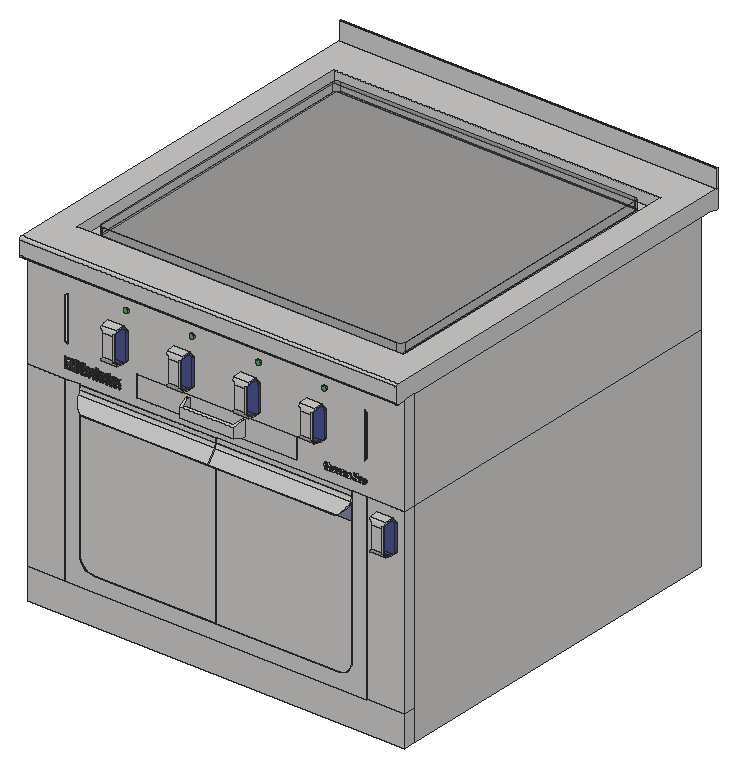
Revit family "QF_ELECTROLUXPROFESSIONAL_588704_MBLPGBH4AO", category Attrezzature speciali, Revit 2020
Family settings
  Quota connettore circolare = Usa diametro
  Tipo di parte = Normale
  Basato su piano di lavoro = No
  Sempre verticale = Sì
  Taglio con vuoti quando caricato = No
  Condiviso = No
  Punto di calcolo locali = No
Parameters (values of type "Standard")
  Weight = 149.00 kg
  Watts = 14300 W
  Volts = 400 V
  URL Manufacturer = "https://www.electroluxprofessional.com/"
  URL = "https://www.electroluxprofessional.com/"
  Steam Supply Size = 0"
  Steam Supply Minimum Pressure = 0.00 psi
  Steam Supply Maximum Pressure = 0.00 psi
  Steam Consumption per Hour = 0
  Refrigeration Suction Line Size = 0 mm
  Refrigeration Liquid Line Size = 0 mm
  Refrigerant Compressor Remote = yes
  Prospetto di default = 0 mm
  Phase = 3
  Modello = "MBLPGBH4AO"
  Produttore = "Electrolux Professional"
  Length Actual = 800 mm  # constant formula
  Item Number = "588704"
  Hot Water Size = 0"
  Height Actual = 700 mm  # constant formula
  HP = "19.2 HP"
  Gas Size = 0"
  Gas KW = 0
  Gas Input Pressure = 0.0 Btu/h
  Direct Waste Size = 0"
  Descrizione = "EL.SOLID TOP,WARM.CAB.1S,BS,800X850X700H"
  Depth Actual = 850 mm  # constant formula
  Cycle = 50 Hz
  Condensate Return Size = 0"
  Compressed Air Volume = 0 GPM
  Compressed Air Size = 0"
  Compressed Air Pressure = 0.00 psi
  Cold Water Size = 0"
  Accessory = yes
Reference planes
  plane 1 "BACK": y = 50
  plane 2: z = 0
  plane 3 "LEFT": x = 0
  plane 4 "RIGHT": x = 800
  plane 5 "FRONT": y = -800
  plane 6 "TOP": z = 900
  plane 7 "Center (Left/Right)": x = 400
  plane 8: y = -375
  plane 9: z = 200
  plane 10: y = -150
  plane 11 "Panel": y = -755
  plane 12: z = 798
  plane 13: z = 1327
  plane 14: x = 78
  plane 15: x = 722
  plane 16: y = -100
  plane 17: y = -600
  plane 18 "EIx": x = 755
  plane 19 "EIy": y = -585
Forms (mm)
  Extrusion 1, solid, material "QF_Finishes_Stainless Steel"
    sketch origin (-178.969, -4572, 200) x (-1, 0, 0) y (0, -1, 0)
      loop
        line (-178.969, -4577) -> (-178.969, -3817) -> (-978.969, -3817) -> (-978.969, -4577) -> (-178.969, -4577)
    from 450 to 662.969
  Extrusion 2, solid, material "QF_Finishes_Stainless Steel"
    sketch origin (0, 0, 0) x (0, 1, 0) y (0, 0, 1)
      loop
        line (-755, 200) -> (-755, 265) -> (-780, 265) -> (-780, 200) -> (-755, 200)
    from 0 to 800
  Extrusion 3, solid, material "QF_Finishes_Stainless Steel"
    sketch origin (-588.969, -4562, 200) x (-1, 0, 0) y (0, -1, 0)
      loop
        circle (-1343.969, -3977) r 6.35
    from 0 to -11.851
  Extrusion 4, solid, material "QF_Finishes_Stainless Steel"
    sketch origin (400, 296.4, 1219.2) x (0, 1, 0) y (0, 0, 1)
      loop
        line (-246.4, -319.2) -> (-1091.4, -319.2)
        arc (-1091.4, -319.2) -> (-1094.935, -320.664) -> (-1096.4, -324.2) r 5
        line (-1096.4, -324.2) -> (-1096.4, -355.2)
        arc (-1096.4, -355.2) -> (-1094.971, -358.264) -> (-1091.705, -359.139) r 4
        line (-1091.705, -359.139) -> (-1076.4, -356.231) -> (-266.4, -356.231) -> (-251.094, -359.139)
        arc (-251.094, -359.139) -> (-247.829, -358.264) -> (-246.4, -355.2) r 4
        line (-246.4, -355.2) -> (-246.4, -319.2)
    from -400 to 400
  Extrusion 5, solid, material "QF_Finishes_Electrolux_Black Smoke Iluminated"
    sketch origin (0, 0, 900) x (-1, 0, 0) y (0, -1, 0)
      loop
        arc (-88, 59) -> (-80.929, 61.929) -> (-78, 69) r 10
        line (-78, 69) -> (-78, 680)
        arc (-78, 680) -> (-80.929, 687.071) -> (-88, 690) r 10
        line (-88, 690) -> (-712, 690)
        arc (-712, 690) -> (-719.071, 687.071) -> (-722, 680) r 10
        line (-722, 680) -> (-722, 69)
        arc (-722, 69) -> (-719.071, 61.929) -> (-712, 59) r 10
        line (-712, 59) -> (-88, 59)
    from 0 to -20
  Extrusion 6, solid, material "QF_Finishes_Stainless Steel"
    sketch origin (-178.969, -4572, 200) x (-1, 0, 0) y (0, -1, 0)
      loop
        line (-178.969, -4577) -> (-178.969, -3817) -> (-978.969, -3817) -> (-978.969, -4577) -> (-178.969, -4577)
    from 450 to 0
  Extrusion 7, void
    sketch origin (0, 0, 900) x (-1, 0, 0) y (0, -1, 0)
      loop
        line (-53, 715) -> (-747, 715) -> (-747, 34) -> (-53, 34) -> (-53, 715)
    from 0 to -25
  Extrusion 8, solid, material "QF_Finishes_Stainless Steel"
    sketch origin (0, 0, 900) x (-1, 0, 0) y (0, -1, 0)
      loop
        line (-82, 63) -> (-82, 686) -> (-718, 686) -> (-718, 63) -> (-82, 63)
    from -20 to -25
  Extrusion 9, solid, material "QF_Finishes_Stainless Steel"
    sketch origin (400, 296.4, 1219.2) x (0, 1, 0) y (0, 0, 1)
      loop
        line (-249.4, -319.2) -> (-246.4, -319.2) -> (-246.4, -281.2) -> (-249.4, -281.2) -> (-249.4, -319.2)
    from -400 to 400
  Extrusion 10, solid, material "QF_Finishes_Stainless Steel"
    sketch origin (0, 0, 150) x (0, 1, 0) y (0, 0, 1)
      loop
        line (-755, 50) -> (-755, 115) -> (-780, 115) -> (-780, 50) -> (-755, 50)
    from 0 to 800
  Extrusion 11, solid, material "QF_Finishes_Stainless Steel"
    sketch origin (7, -800, 0) x (1, 0, 0) y (0, 0, 1)
      loop
        line (103, 327) -> (103, 650) -> (73, 650) -> (73, 265) -> (713, 265) -> (713, 650) -> (683, 650) -> (683, 327)
        arc (683, 327) -> (673.627, 304.373) -> (651, 295) r 32
        line (651, 295) -> (135, 295)
        arc (135, 295) -> (112.373, 304.373) -> (103, 327) r 32
    from -20 to -45
  Extrusion 12, solid, material "QF_Finishes_Stainless Steel"
    sketch origin (0, -800, 0) x (1, 0, 0) y (0, 0, 1)
      loop
        line (80, 650) -> (0, 650) -> (0, 265) -> (80, 265) -> (80, 650)
      loop
        line (719.787, 650) -> (719.787, 265) -> (800, 265) -> (800, 650) -> (719.787, 650)
    from -20 to -45
Cuts and joins
  Extrusion 7 cuts Extrusion 4
Lines and regions (mm)
  symbolic lines
    curve 1: line (0, 50, 200) -> (800, 50, 200)
    curve 2: line (0, -800, 200) -> (0, 50, 200)
    curve 3: line (800, -800, 200) -> (0, -800, 200)
    curve 4: line (800, 50, 200) -> (800, -800, 200)
    curve 5: line (712, -59, 200) -> (88, -59, 200)
    curve 6: line (78, -69, 200) -> (78, -680, 200)
    curve 7: line (88, -690, 200) -> (712, -690, 200)
    curve 8: line (722, -680, 200) -> (722, -69, 200)
    curve 9: arc (88, -59, 200) -> (80.929, -61.929, 200) -> (78, -69, 200) r 10
    curve 10: arc (722, -69, 200) -> (719.071, -61.929, 200) -> (712, -59, 200) r 10
    curve 11: arc (712, -690, 200) -> (719.071, -687.071, 200) -> (722, -680, 200) r 10
    curve 12: arc (78, -680, 200) -> (80.929, -687.071, 200) -> (88, -690, 200) r 10
    curve 13: line (747, -34, 900) -> (53, -34, 900)
    curve 14: line (53, -34, 900) -> (53, -715, 900)
    curve 15: line (747, -715, 900) -> (747, -34, 900)
    curve 16: line (53, -715, 900) -> (747, -715, 900)
    curve 33: line (0, 47, 0) -> (800, 47, 0)
  model lines, style "SpecialityEquipment"
    curve 17: arc (584, -161, 900) -> (530.967, -289.033, 900) -> (659, -236, 900) r 75
    curve 18: line (639, -236, 900) -> (679, -236, 900)
    curve 19: line (679, -236, 900) -> (659, -216, 900)
    curve 20: line (639, -236, 900) -> (659, -216, 900)
    curve 21: arc (216, -161, 900) -> (162.967, -289.033, 900) -> (291, -236, 900) r 75
    curve 22: line (271, -236, 900) -> (311, -236, 900)
    curve 23: line (311, -236, 900) -> (291, -216, 900)
    curve 24: line (271, -236, 900) -> (291, -216, 900)
    curve 25: arc (584, -489, 900) -> (530.967, -617.033, 900) -> (659, -564, 900) r 75
    curve 26: line (639, -564, 900) -> (679, -564, 900)
    curve 27: line (679, -564, 900) -> (659, -544, 900)
    curve 28: line (639, -564, 900) -> (659, -544, 900)
    curve 29: arc (216, -489, 900) -> (162.967, -617.033, 900) -> (291, -564, 900) r 75
    curve 30: line (271, -564, 900) -> (311, -564, 900)
    curve 31: line (311, -564, 900) -> (291, -544, 900)
    curve 32: line (271, -564, 900) -> (291, -544, 900)
Dimensions and locks
  plane 3 "LEFT" to plane 4 "RIGHT" = 800 mm
  plane 5 "FRONT" to plane 1 "BACK" = 850 mm
  equal spacing: plane 3 "LEFT", plane 7 "Center (Left/Right)", plane 4 "RIGHT"
  equal spacing: plane 5 "FRONT", plane 8, plane 1 "BACK"
  plane 6 "TOP" to level = 900 mm  (x2)
  plane 9 to level = 200 mm
  plane 1 "BACK" to plane 10 to plane 11 "Panel" = 200 mm, 605 mm  (x2)
  plane 6 "TOP" to plane 9 to level = 700 mm, 200 mm
  plane 1 "BACK" to plane 5 "FRONT" = 850 mm
  plane 1 "BACK" to Extrusion 3 = 635 mm
  plane 12 to plane 9 = 598 mm
  plane 13 to plane 6 "TOP" = 427 mm
  plane 6 "TOP" to plane 12 = 102 mm
  plane 14 to plane 3 "LEFT" = 78 mm
  plane 15 to plane 4 "RIGHT" = 78 mm
  locked: plane 1 "BACK" to plane 16 at 150
  locked: plane 16 to plane 17 at 500
  plane 11 "Panel" to plane 5 "FRONT" = 45 mm
  plane 18 "EIx" to plane 4 "RIGHT" = 45 mm
  plane 19 "EIy" to plane 1 "BACK" = 635 mm
  aligned and locked: level to plane 2
  aligned and locked: Extrusion 2 to plane 4 "RIGHT"
Automatic sketch dimensions
  Extrusion 3 sketch curve to plane 18 "EIx" = 0 mm
  Extrusion 3 sketch curve to plane 19 "EIy" = 0 mm
  Extrusion 4 sketch curve to plane 5 "FRONT" = 0 mm
  Extrusion 4 sketch curve to plane 6 "TOP" = 0 mm
  Extrusion 4 sketch curve to plane 1 "BACK" = 0 mm
  Extrusion 4 sketch curve to plane 5 "FRONT" = 4 mm
  Extrusion 4 sketch curve to Extrusion 4 sketch curve = 0.695 mm
  Extrusion 4 sketch curve to plane 5 "FRONT" = 5 mm
  Extrusion 4 sketch curve to Extrusion 4 sketch curve = 15.305 mm
  plane 1 "BACK" to Extrusion 4 sketch curve = 20 mm
  plane 1 "BACK" to Extrusion 4 sketch curve = 4.695 mm
  Extrusion 4 sketch curve to Extrusion 4 sketch curve = 4 mm
  Extrusion 4 sketch curve to Extrusion 4 sketch curve = 31 mm
  Extrusion 4 sketch curve to plane 6 "TOP" = 36 mm
  Extrusion 4 sketch curve to Extrusion 4 sketch curve = 2.909 mm
  Extrusion 5 sketch curve to plane 15 = 0 mm
  Extrusion 5 sketch curve to plane 14 = 0 mm
  plane 15 to Extrusion 5 sketch curve = 10 mm  (x2)
  Extrusion 5 sketch curve to Extrusion 5 sketch curve = 10 mm  (x2)
  plane 10 to Extrusion 5 sketch curve = 91 mm
  plane 17 to Extrusion 5 sketch curve = 80 mm
  plane 18 "EIx" to Extrusion 7 sketch curve = 8 mm
  plane 14 to Extrusion 7 sketch curve = 25 mm
  plane 10 to Extrusion 7 sketch curve = 116 mm
  plane 11 "Panel" to Extrusion 7 sketch curve = 40 mm
  Extrusion 8 sketch curve to plane 14 = 4 mm
  plane 15 to Extrusion 8 sketch curve = 4 mm
  plane 17 to Extrusion 8 sketch curve = 86 mm
  plane 10 to Extrusion 8 sketch curve = 87 mm
  curve 20 to curve 17 = 55 mm
  curve 26 to curve 25 = 55 mm
  curve 19 to curve 18 = 20 mm
  curve 26 to curve 27 = 20 mm
  curve 18 to curve 19 = 20 mm
  plane 18 "EIx" to curve 13 = 8 mm
  curve 31 to plane 7 "Center (Left/Right)" = 89 mm
  curve 23 to plane 7 "Center (Left/Right)" = 89 mm
  curve 22 to curve 24 = 20 mm
  curve 30 to curve 31 = 20 mm
  curve 23 to curve 22 = 20 mm
  curve 31 to curve 30 = 20 mm
  curve 22 to curve 21 = 55 mm
  curve 30 to curve 29 = 55 mm
  plane 14 to curve 14 = 25 mm
  plane 10 to curve 13 = 116 mm
  plane 11 "Panel" to curve 16 = 40 mm
  curve 29 to curve 30 = 20 mm
  curve 27 to curve 26 = 40 mm
  curve 25 to curve 26 = 20 mm
  plane 15 to curve 19 = 43 mm
  curve 17 to curve 18 = 20 mm
  curve 21 to curve 22 = 20 mm
  Extrusion 9 sketch curve to plane 6 "TOP" = 0 mm
  Extrusion 9 sketch curve to plane 1 "BACK" = 0 mm
  Extrusion 9 sketch curve to Extrusion 9 sketch curve = 3 mm
  Extrusion 9 sketch curve to Extrusion 9 sketch curve = 38 mm
  plane 19 "EIy" to curve 27 = 21 mm
  plane 15 to curve 27 = 43 mm
  curve 23 to plane 10 = 66 mm
  curve 19 to plane 10 = 66 mm
  plane 19 "EIy" to curve 32 = 41 mm
  Extrusion 1 sketch curve to plane 4 "RIGHT" = 0 mm
  Extrusion 1 sketch curve to plane 3 "LEFT" = 0 mm
  Extrusion 1 sketch curve to plane 11 "Panel" = 0 mm
  plane 1 "BACK" to Extrusion 1 sketch curve = 45 mm
  Extrusion 2 sketch curve to plane 9 = 0 mm
  Extrusion 2 sketch curve to plane 11 "Panel" = 0 mm
  Extrusion 2 sketch curve to plane 5 "FRONT" = 20 mm
  plane 9 to Extrusion 2 sketch curve = 65 mm
  plane 1 "BACK" to curve 1 = 0 mm
  curve 1 to plane 4 "RIGHT" = 0 mm
  curve 8 to plane 15 = 0 mm
  curve 6 to plane 14 = 0 mm
  curve 2 to plane 3 "LEFT" = 0 mm
  plane 5 "FRONT" to curve 3 = 0 mm
  plane 15 to curve 5 = 10 mm
  curve 11 to curve 11 = 10 mm
  curve 5 to plane 14 = 10 mm
  curve 12 to curve 6 = 10 mm
  plane 10 to curve 5 = 91 mm
  plane 17 to curve 11 = 80 mm
  Extrusion 6 sketch curve to plane 4 "RIGHT" = 0 mm
  Extrusion 6 sketch curve to plane 3 "LEFT" = 0 mm
  Extrusion 6 sketch curve to plane 11 "Panel" = 0 mm
  plane 1 "BACK" to Extrusion 6 sketch curve = 45 mm
  Extrusion 10 sketch curve to plane 11 "Panel" = 0 mm
  Extrusion 10 sketch curve to plane 5 "FRONT" = 20 mm
  plane 9 to Extrusion 10 sketch curve = 0 mm
  Extrusion 10 sketch curve to Extrusion 10 sketch curve = 65 mm
  Extrusion 11 sketch curve to plane 14 = 2 mm
  Extrusion 11 sketch curve to plane 14 = 32 mm
  Extrusion 11 sketch curve to Extrusion 11 sketch curve = 32 mm
  plane 15 to Extrusion 11 sketch curve = 32 mm
  plane 15 to Extrusion 11 sketch curve = 2 mm
  plane 9 to Extrusion 11 sketch curve = 65 mm
  Extrusion 11 sketch curve to Extrusion 11 sketch curve = 62 mm  (x2)
  Extrusion 11 sketch curve to plane 12 = 148 mm  (x2)
  Extrusion 12 sketch curve to plane 3 "LEFT" = 0 mm
  plane 4 "RIGHT" to Extrusion 12 sketch curve = 0 mm
  Extrusion 12 sketch curve to plane 14 = 2 mm
  plane 15 to Extrusion 12 sketch curve = 2.213 mm
  plane 9 to Extrusion 12 sketch curve = 65 mm  (x2)
  Extrusion 12 sketch curve to plane 12 = 148 mm  (x2)
  radius of Extrusion 3 sketch curve = 6.35 mm
Nested families
  nested 1: "FIT Range Control Handle" at (760, -783.167, -372.751), type "FIT Range Control Handle"
  nested 2: "Front_Panel_W800_Four Knobs_Spie" at (202.376, -755, 0), type "Front_Panel_W800_Four Knobs_Spie"
  nested 3: "H450H2_2DOOR" at (363.958, -755, 200) x (1, 0, 0) z (0, -1, 0), type "H450H2_2DOOR"
    with Width 580 mm, Wdoor 290 mm, Show Clearance yes
  nested 4: "Warm" at (800, -800, 0), type "Warm"
Connectors
  electrical at (755, -585, 188.149)
    settings: on Extrusion 3, index 1, voltage 400 V, apparent load 33000 VA, apparent load phase1 0 VA, apparent load phase2 0 VA, apparent load phase3 0 VA, power factor 1, load classification "Other", number of poles 1, system type 30, power factor state 1, is connector primary yes, connector utility no, sub classification motor no, connector description "ELECTRICAL CONNECTION"
Definition of nested family "FIT Range Control Handle"
  Parameters
    Default Elevation = 0 mm
  Reference planes
    plane 1 "Center (Front/Back)": y = 0
    plane 2: z = 0
    plane 3 "Center (Left/Right)": x = 0
    plane 4: z = 971.092
    plane 5: y = -16.8
  Forms (mm)
    Extrusion 1, solid
      sketch origin (-746.28, 380.497, 208.931) x (-1, 0, 0) y (0, 0, 1)
        loop
          line (-770.101, 786.798) -> (-770.101, 731.649)
          arc (-770.101, 731.649) -> (-769.759, 730.563) -> (-768.855, 729.87) r 1.893
          line (-768.855, 729.87) -> (-763.474, 727.911) -> (-729.81, 727.911) -> (-724.428, 729.87)
          arc (-724.428, 729.87) -> (-723.525, 730.563) -> (-723.183, 731.649) r 1.893
          line (-723.183, 731.649) -> (-723.183, 786.798)
          arc (-723.183, 786.798) -> (-723.529, 787.894) -> (-724.44, 788.593) r 1.91
          line (-724.44, 788.593) -> (-729.683, 790.819) -> (-763.601, 790.819) -> (-768.844, 788.593)
          arc (-768.844, 788.593) -> (-769.755, 787.894) -> (-770.101, 786.798) r 1.91
      from -382.35 to -378.852
    Sweep 2, solid
      path origin (-746.788, 380.496, 208.091) x (0, -1, 0) y (0, 0, 1)
        loop
          line (379.775, 793.281) -> (395.661, 791.048)
          arc (395.661, 791.048) -> (397.781, 787.377) -> (398.517, 783.202) r 12.207
          line (398.517, 783.202) -> (398.517, 737.368)
          arc (398.517, 737.368) -> (397.781, 733.193) -> (395.661, 729.522) r 12.207
          line (395.661, 729.522) -> (379.775, 727.289)
      profile origin (-746.788, -7.222, 1000.256) x (0, -0.139173, 0.990268) y (-1, 0, 0)
        loop
          line (0.782, -763.123) -> (0.782, -730.907) -> (-1.322, -730.907) -> (-1.322, -763.123) -> (0.782, -763.123)
    Sweep 3, solid
      path origin (-746.788, 380.715, 207.832) x (0, -1, 0) y (0, 0, 1)
        loop
          line (380.478, 795.442) -> (397.218, 793.09)
          arc (397.218, 793.09) -> (399.929, 788.473) -> (400.871, 783.202) r 15.207
          line (400.871, 783.202) -> (400.871, 737.584)
          arc (400.871, 737.584) -> (399.914, 732.274) -> (397.164, 727.633) r 15.207
          line (397.164, 727.633) -> (380.601, 725.305)
      profile origin (-746.788, -8.132, 1002.099) x (0, -0.139173, 0.990268) y (-1, 0, 0)
        loop
          line (0.782, -763.123) -> (0.782, -730.907) -> (-1.322, -730.907) -> (-1.322, -763.123) -> (0.782, -763.123)
    Extrusion 4, void
      sketch origin (889.253, 220.666, 207.993) x (1, 0, 0) y (0, 0, 1)
        loop
          line (-943.038, 816.854) -> (-943.038, 703.686) -> (-899.466, 734.196) -> (-899.466, 786.344) -> (-943.038, 816.854)
      from 230.636 to 242.25
    Extrusion 5, void
      sketch origin (-888.8, 220.666, 207.993) x (-1, 0, 0) y (0, 0, -1)
        loop
          line (-943.038, -816.854) -> (-899.466, -786.344) -> (-899.466, -734.196) -> (-943.038, -703.686) -> (-943.038, -816.854)
      from 230.636 to 242.25
    Extrusion 6, solid
      sketch origin (0, 0, 0) x (1, 0, 0) y (0, 0, 1)
        loop
          circle (0, 971.092) r 7.736
      from -3.137 to -1.645
  Cuts and joins
    Extrusion 4, Extrusion 5 cuts Sweep 3
    Extrusion 4, Extrusion 5 cuts Sweep 2
    joined: Extrusion 1, Extrusion 6
  Lines and regions (mm)
    symbolic lines
      curve 1: line (-15.881, -19.189, 0) -> (-15.881, -16.8, 0)
      curve 2: line (16.334, -19.189, 0) -> (16.334, -16.8, 0)
      curve 3: spline (-15.881, -19.189, 0) -> (-15.417, -19.349, 0) -> (-14.951, -19.501, 0) -> (-14.483, -19.646, 0) -> (-14.014, -19.783, 0) -> (-13.543, -19.912, 0) -> (-13.071, -20.033, 0) -> (-12.597, -20.146, 0) -> (-12.122, -20.251, 0) -> (-11.646, -20.349, 0) -> (-11.169, -20.438, 0) -> (-10.691, -20.52, 0) -> (-10.213, -20.593, 0)
      curve 4: spline (10.666, -20.593, 0) -> (11.144, -20.52, 0) -> (11.622, -20.438, 0) -> (12.099, -20.349, 0) -> (12.575, -20.251, 0) -> (13.05, -20.146, 0) -> (13.524, -20.033, 0) -> (13.996, -19.912, 0) -> (14.467, -19.783, 0) -> (14.936, -19.646, 0) -> (15.404, -19.501, 0) -> (15.87, -19.349, 0) -> (16.334, -19.189, 0)
      curve 5: line (-10.213, -20.938, 0) -> (10.716, -20.938, 0)
  Dimensions and locks
    cut or joined group of Sweep 3, Extrusion 4, Extrusion 5 to cut or joined group of Sweep 3, Extrusion 4, Extrusion 5 = 71.686 mm
Definition of nested family "Front_Panel_W800_Four Knobs_Spie"
  Parameters
    Default Elevation = 0 mm
  Reference planes
    plane 1 "Center (Front/Back)": y = 0
    plane 2: z = 0
    plane 3 "Center (Left/Right)": x = 197.624
    plane 4 "Left": x = -202.376
    plane 5 "Right": x = 597.624
    plane 6: y = -45
    plane 7: x = -12.376
    plane 8: x = 127.624
    plane 9: y = -310
    plane 10 "Panel": y = -25
    plane 11: x = 517.624
    plane 12: x = -122.376
  Forms (mm)
    Extrusion 1, solid
      sketch origin (833.217, 829.203, -1.25) x (0, 1, 0) y (0, 0, 1)
        loop
          line (-854.203, 651.25) -> (-829.203, 651.25) -> (-829.203, 864.25) -> (-854.203, 864.25) -> (-854.203, 651.25)
      from -1035.593 to -235.593
    Extrusion 2, void
      sketch origin (0, -25, -10) x (0, 0, 1) y (-1, 0, 0)
        loop
          line (731.866, 122.376) -> (726.866, 117.376) -> (823.866, 117.376) -> (818.866, 122.376) -> (731.866, 122.376)
        loop
          line (731.866, -517.624) -> (818.866, -517.624) -> (823.866, -512.624) -> (726.866, -512.624) -> (731.866, -517.624)
      from 0 to -2
    Extrusion 3, void
      sketch origin (0, 0, 0) x (1, 0, 0) y (0, 0, 1)
        loop
          line (30.124, 711.866) -> (30.124, 666.866) -> (370.124, 666.866) -> (370.124, 711.866) -> (30.124, 711.866)
      from 19.387 to 25
    Extrusion 4, solid
      sketch origin (0, 0, 0) x (1, 0, 0) y (0, 0, 1)
        loop
          line (31.124, 710.866) -> (31.124, 667.866) -> (369.124, 667.866) -> (369.124, 710.866) -> (31.124, 710.866)
      from 19.387 to 25
    Extrusion 5, solid
      sketch origin (0, 0, 0) x (1, 0, 0) y (0, 1, 0)
        loop
          line (141.059, -25) -> (135.966, -25) -> (140.646, -49.075) -> (254.603, -49.075) -> (259.283, -25) -> (254.189, -25) -> (250.481, -44.075) -> (144.767, -44.075) -> (141.059, -25)
      from 672.593 to 705.67
    Extrusion 6, void
      sketch origin (197.624, 0, 0) x (0, 1, 0) y (0, 0, 1)
        loop
          line (-30, 705.67) -> (-30, 710.67) -> (-56.744, 710.67) -> (-56.744, 667.593) -> (-30, 667.593) -> (-30, 672.593) -> (-53.776, 680.318) -> (-53.776, 697.945) -> (-30, 705.67)
      from -70 to 70
    Extrusion 7, solid, detail levels coarse
      sketch origin (0, -265, 0) x (1, 0, 0) y (0, 1, 0)
        loop
          line (140.646, -69.075) -> (254.603, -69.075) -> (259.283, -45) -> (364.124, -45) -> (364.124, 240) -> (31.124, 240) -> (31.124, -45) -> (135.966, -45) -> (140.646, -69.075)
      from 672.593 to 705.67
    Extrusion 8, void
      sketch origin (197.624, -280, 0) x (0, 1, 0) y (0, 0, 1)
        loop
          line (-30, 705.67) -> (-30, 710.67) -> (-56.744, 710.67) -> (-56.744, 667.593) -> (-30, 667.593) -> (-30, 672.593) -> (-53.776, 680.318) -> (-53.776, 697.945) -> (-30, 705.67)
      from -70 to 70
    Extrusion 9, solid
      sketch origin (20, -25, 1.163) x (0, 0, 1) y (-1, 0, 0)
        loop
          circle (824.337, 12.376) r 5
      from 0 to 1.7
    Extrusion 10, solid
      sketch origin (160, -25, 1.163) x (0, 0, 1) y (-1, 0, 0)
        loop
          circle (824.337, 12.376) r 5
      from 0 to 1.7
    Extrusion 11, solid
      sketch origin (300.724, -25, 1.163) x (0, 0, 1) y (-1, 0, 0)
        loop
          circle (824.337, 12.376) r 5
      from 0 to 1.7
    Extrusion 12, solid
      sketch origin (440.724, -25, 1.163) x (0, 0, 1) y (-1, 0, 0)
        loop
          circle (824.337, 12.376) r 5
      from 0 to 1.7
    Extrusion 13, solid
      sketch origin (0, -25, -10) x (0, 0, 1) y (-1, 0, 0)
        loop
          line (731.866, 122.376) -> (726.866, 117.376) -> (823.866, 117.376) -> (818.866, 122.376) -> (731.866, 122.376)
        loop
          line (726.866, -512.624) -> (731.866, -517.624) -> (818.866, -517.624) -> (823.866, -512.624) -> (726.866, -512.624)
      from 0 to -2
  Cuts and joins
    Extrusion 2, Extrusion 3 cuts Extrusion 1
    Extrusion 6, Extrusion 8 cuts Extrusion 5
    Extrusion 8 cuts Extrusion 7
  Lines and regions (mm)
    symbolic lines
      curve 1: line (31.124, -45, 0) -> (31.124, -310, 0)
      curve 2: line (31.124, -310, 0) -> (364.124, -310, 0)
      curve 3: line (135.966, -310, 0) -> (140.646, -334.075, 0)
      curve 4: line (140.646, -334.075, 0) -> (254.603, -334.075, 0)
      curve 5: line (254.603, -334.075, 0) -> (259.283, -310, 0)
      curve 6: line (364.124, -310, 0) -> (364.124, -45, 0)
      curve 7: line (31.124, -300, 0) -> (364.124, -300, 0)
      curve 8: line (140.874, -309.046, 0) -> (144.767, -329.075, 0)
      curve 9: line (144.767, -329.075, 0) -> (250.481, -329.075, 0)
      curve 10: line (250.481, -329.075, 0) -> (254.375, -309.046, 0)
  Dimensions and locks
    equal spacing: plane 5 "Right", plane 3 "Center (Left/Right)", plane 4 "Left"
    plane 5 "Right" to plane 4 "Left" = 800 mm
    plane 3 "Center (Left/Right)" to plane 7 = 210 mm
    plane 3 "Center (Left/Right)" to plane 8 = 70 mm
    plane 6 to plane 9 = 265 mm
    aligned and locked: cut or joined group of Extrusion 1, Extrusion 2, Extrusion 3 to plane 4 "Left"
    aligned and locked: plane 5 "Right" to cut or joined group of Extrusion 1, Extrusion 2, Extrusion 3
  Automatic sketch dimensions
    plane 6 to curve 1 = 0 mm
    curve 1 to plane 9 = 0 mm
    plane 6 to curve 6 = 0 mm
    plane 7 to curve 1 = 43.5 mm
    plane 8 to curve 3 = 13.021 mm
    curve 3 to curve 8 = 4.122 mm
    curve 10 to plane 9 = 19.075 mm
    plane 3 "Center (Left/Right)" to curve 10 = 52.857 mm
    curve 5 to plane 9 = 24.075 mm
    curve 9 to curve 5 = 4.122 mm
    curve 4 to curve 2 = 109.521 mm
    plane 8 to curve 3 = 8.342 mm
    plane 9 to curve 8 = 0.954 mm
    curve 3 to curve 8 = 4.908 mm
    plane 9 to curve 10 = 0.954 mm
    curve 9 to curve 10 = 3.893 mm
    curve 10 to curve 5 = 4.908 mm
    plane 9 to curve 7 = 10 mm
    Extrusion 1 sketch curve to plane 10 "Panel" = 0 mm
    Extrusion 1 sketch curve to plane 1 "Center (Front/Back)" = 0 mm
    Extrusion 2 sketch curve to plane 12 = 0 mm
    Extrusion 2 sketch curve to plane 11 = 0 mm
    Extrusion 2 sketch curve to plane 11 = 5 mm
    plane 12 to Extrusion 2 sketch curve = 5 mm
    Extrusion 2 sketch curve to Extrusion 2 sketch curve = 5 mm  (x4)
    plane 7 to Extrusion 3 sketch curve = 42.5 mm
    Extrusion 3 sketch curve to plane 11 = 147.5 mm
    Extrusion 3 sketch curve to Extrusion 3 sketch curve = 45 mm
    plane 7 to Extrusion 4 sketch curve = 43.5 mm
    Extrusion 4 sketch curve to plane 11 = 148.5 mm
    Extrusion 4 sketch curve to Extrusion 4 sketch curve = 43 mm
    plane 10 "Panel" to Extrusion 5 sketch curve = 0 mm  (x2)
    plane 8 to Extrusion 5 sketch curve = 8.342 mm
    plane 6 to Extrusion 5 sketch curve = 4.075 mm
    plane 8 to Extrusion 5 sketch curve = 13.021 mm
    Extrusion 5 sketch curve to Extrusion 5 sketch curve = 5.094 mm  (x2)
    Extrusion 5 sketch curve to plane 6 = 0.925 mm
    Extrusion 5 sketch curve to Extrusion 5 sketch curve = 4.122 mm  (x2)
    plane 3 "Center (Left/Right)" to Extrusion 5 sketch curve = 52.857 mm
    Extrusion 5 sketch curve to Extrusion 5 sketch curve = 3.708 mm
    plane 6 to Extrusion 6 sketch curve = 11.744 mm
    plane 6 to Extrusion 6 sketch curve = 8.776 mm
    plane 10 "Panel" to Extrusion 6 sketch curve = 5 mm  (x2)
    Extrusion 6 sketch curve to Extrusion 6 sketch curve = 5 mm
    Extrusion 6 sketch curve to Extrusion 6 sketch curve = 12.725 mm  (x2)
    Extrusion 6 sketch curve to Extrusion 6 sketch curve = 17.627 mm
    Extrusion 6 sketch curve to Extrusion 6 sketch curve = 7.725 mm
    plane 10 "Panel" to Extrusion 7 sketch curve = 0 mm
    Extrusion 7 sketch curve to plane 9 = 0 mm  (x2)
    plane 7 to Extrusion 7 sketch curve = 43.5 mm
    plane 8 to Extrusion 7 sketch curve = 8.342 mm
    plane 8 to Extrusion 7 sketch curve = 13.021 mm
    Extrusion 7 sketch curve to plane 9 = 24.075 mm
    plane 3 "Center (Left/Right)" to Extrusion 7 sketch curve = 56.979 mm
    Extrusion 7 sketch curve to Extrusion 7 sketch curve = 4.68 mm
    Extrusion 7 sketch curve to Extrusion 7 sketch curve = 104.842 mm
    Extrusion 8 sketch curve to plane 9 = 26.744 mm
    Extrusion 8 sketch curve to plane 9 = 23.776 mm
    plane 9 to Extrusion 8 sketch curve = 0 mm  (x2)
    Extrusion 8 sketch curve to Extrusion 8 sketch curve = 5 mm
    Extrusion 8 sketch curve to Extrusion 8 sketch curve = 12.725 mm  (x2)
    Extrusion 8 sketch curve to Extrusion 8 sketch curve = 17.627 mm
    Extrusion 8 sketch curve to Extrusion 8 sketch curve = 7.725 mm
    plane 7 to Extrusion 9 sketch curve = 20 mm
    plane 8 to Extrusion 10 sketch curve = 20 mm
    plane 3 "Center (Left/Right)" to Extrusion 11 sketch curve = 90.724 mm
    Extrusion 12 sketch curve to plane 11 = 89.276 mm
    Extrusion 13 sketch curve to plane 12 = 0 mm
    Extrusion 13 sketch curve to plane 11 = 0 mm
    plane 12 to Extrusion 13 sketch curve = 5 mm
    Extrusion 13 sketch curve to Extrusion 13 sketch curve = 5 mm  (x4)
    Extrusion 13 sketch curve to plane 11 = 5 mm
    level to Extrusion 1 sketch curve = 650 mm
    Extrusion 1 sketch curve to Extrusion 1 sketch curve = 213 mm
    level to Extrusion 2 sketch curve = 716.866 mm
    Extrusion 2 sketch curve to Extrusion 2 sketch curve = 0 mm
    Extrusion 2 sketch curve to Extrusion 2 sketch curve = 87 mm  (x2)
    level to Extrusion 3 sketch curve = 666.866 mm
    level to Extrusion 4 sketch curve = 667.866 mm
    level to Extrusion 6 sketch curve = 667.593 mm
    level to Extrusion 8 sketch curve = 667.593 mm
    level to Extrusion 9 sketch curve = 825.5 mm
    level to Extrusion 10 sketch curve = 825.5 mm
    level to Extrusion 11 sketch curve = 825.5 mm
    level to Extrusion 12 sketch curve = 825.5 mm
    level to Extrusion 13 sketch curve = 716.866 mm
    Extrusion 13 sketch curve to Extrusion 13 sketch curve = 0 mm
    Extrusion 13 sketch curve to Extrusion 13 sketch curve = 87 mm  (x2)
    radius of Extrusion 9 sketch curve = 5 mm
    radius of Extrusion 10 sketch curve = 5 mm
    radius of Extrusion 11 sketch curve = 5 mm
    radius of Extrusion 12 sketch curve = 5 mm
  Nested families
    nested 1: "Range Control Handle" at (-12.376, -28.137, -209.113) x (-1, 0, 0) z (0, 0, 1), type "Range Control Handle"
    nested 2: "Range Control Handle" at (127.624, -28.137, -209.113) x (-1, 0, 0) z (0, 0, 1), type "Range Control Handle"
    nested 3: "Range Control Handle" at (407.624, -28.137, -209.113), type "Range Control Handle"
    nested 4: "Range Control Handle" at (267.624, -28.137, -209.113), type "Range Control Handle"
    nested 5: "ELX_ThermaLine_Small" at (468.838, -25, 679.426) x (1, 0, 0) z (0, -1, 0), type "ELX_ThermaLine_Small"
      with Show Logo yes, Material_Logo none
    nested 6: "ELX_Professional_Logo_Small" at (-62.89, -25, 681.659) x (1, 0, 0) z (0, -1, 0), type "ELX_Professional_Logo_Small"
      with Show Logo yes, Material_Logo none
  Definition of nested family "Range Control Handle"
    Parameters
      Default Elevation = 0 mm
    Reference planes
      plane 1 "Center (Front/Back)": y = 0
      plane 2: z = 0
      plane 3 "Center (Left/Right)": x = 0
      plane 4: z = 971.092
      plane 5: y = -16.9
    Forms (mm)
      Extrusion 1, solid
        sketch origin (-746.28, 380.497, 208.931) x (-1, 0, 0) y (0, 0, 1)
          loop
            line (-770.101, 786.798) -> (-770.101, 731.649)
            arc (-770.101, 731.649) -> (-769.759, 730.563) -> (-768.855, 729.87) r 1.893
            line (-768.855, 729.87) -> (-763.474, 727.911) -> (-729.81, 727.911) -> (-724.428, 729.87)
            arc (-724.428, 729.87) -> (-723.525, 730.563) -> (-723.183, 731.649) r 1.893
            line (-723.183, 731.649) -> (-723.183, 786.798)
            arc (-723.183, 786.798) -> (-723.529, 787.894) -> (-724.44, 788.593) r 1.91
            line (-724.44, 788.593) -> (-729.683, 790.819) -> (-763.601, 790.819) -> (-768.844, 788.593)
            arc (-768.844, 788.593) -> (-769.755, 787.894) -> (-770.101, 786.798) r 1.91
        from -382.35 to -378.852
      Sweep 2, solid
        path origin (-746.788, 380.496, 208.091) x (0, -1, 0) y (0, 0, 1)
          loop
            line (379.775, 793.281) -> (395.661, 791.048)
            arc (395.661, 791.048) -> (397.781, 787.377) -> (398.517, 783.202) r 12.207
            line (398.517, 783.202) -> (398.517, 737.368)
            arc (398.517, 737.368) -> (397.781, 733.193) -> (395.661, 729.522) r 12.207
            line (395.661, 729.522) -> (379.775, 727.289)
        profile origin (-746.788, -7.222, 1000.256) x (0, -0.139173, 0.990268) y (-1, 0, 0)
          loop
            line (0.782, -763.123) -> (0.782, -730.907) -> (-1.322, -730.907) -> (-1.322, -763.123) -> (0.782, -763.123)
      Sweep 3, solid
        path origin (-746.788, 380.715, 207.832) x (0, -1, 0) y (0, 0, 1)
          loop
            line (380.478, 795.442) -> (397.218, 793.09)
            arc (397.218, 793.09) -> (399.929, 788.473) -> (400.871, 783.202) r 15.207
            line (400.871, 783.202) -> (400.871, 737.584)
            arc (400.871, 737.584) -> (399.914, 732.274) -> (397.164, 727.633) r 15.207
            line (397.164, 727.633) -> (380.601, 725.305)
        profile origin (-746.788, -8.132, 1002.099) x (0, -0.139173, 0.990268) y (-1, 0, 0)
          loop
            line (0.782, -763.123) -> (0.782, -730.907) -> (-1.322, -730.907) -> (-1.322, -763.123) -> (0.782, -763.123)
      Extrusion 4, void
        sketch origin (889.253, 220.666, 207.993) x (1, 0, 0) y (0, 0, 1)
          loop
            line (-943.038, 816.854) -> (-943.038, 703.686) -> (-899.466, 734.196) -> (-899.466, 786.344) -> (-943.038, 816.854)
        from 230.636 to 242.25
      Extrusion 5, void
        sketch origin (-888.8, 220.666, 207.993) x (-1, 0, 0) y (0, 0, -1)
          loop
            line (-943.038, -816.854) -> (-899.466, -786.344) -> (-899.466, -734.196) -> (-943.038, -703.686) -> (-943.038, -816.854)
        from 230.636 to 242.25
      Extrusion 6, solid
        sketch origin (0, 0, 0) x (1, 0, 0) y (0, 0, 1)
          loop
            circle (0, 971.092) r 7.736
        from -3.137 to -1.645
    Cuts and joins
      Extrusion 4, Extrusion 5 cuts Sweep 3
      Extrusion 4, Extrusion 5 cuts Sweep 2
      joined: Extrusion 1, Extrusion 6
    Lines and regions (mm)
      symbolic lines
        curve 1: line (16.334, -16.9, 0) -> (16.334, -19.227, 0)
        curve 2: spline (16.334, -19.227, 0) -> (15.87, -19.385, 0) -> (15.404, -19.536, 0) -> (14.936, -19.678, 0) -> (14.466, -19.813, 0) -> (13.995, -19.94, 0) -> (13.523, -20.059, 0) -> (13.049, -20.171, 0) -> (12.575, -20.274, 0) -> (12.099, -20.37, 0) -> (11.622, -20.458, 0) -> (11.144, -20.537, 0) -> (10.666, -20.609, 0)
        curve 3: line (10.666, -16.9, 0) -> (10.666, -20.938, 0)
        curve 4: line (-10.213, -20.938, 0) -> (10.666, -20.938, 0)
        curve 5: line (-10.213, -20.938, 0) -> (-10.213, -16.9, 0)
        curve 6: spline (-10.213, -20.609, 0) -> (-10.691, -20.537, 0) -> (-11.169, -20.458, 0) -> (-11.646, -20.37, 0) -> (-12.122, -20.274, 0) -> (-12.597, -20.171, 0) -> (-13.07, -20.059, 0) -> (-13.542, -19.94, 0) -> (-14.013, -19.813, 0) -> (-14.483, -19.678, 0) -> (-14.951, -19.536, 0) -> (-15.417, -19.385, 0) -> (-15.881, -19.227, 0)
        curve 7: line (-15.881, -19.227, 0) -> (-15.881, -16.9, 0)
  Definition of nested family "ELX_ThermaLine_Small"
    Parameters
      Show Logo [instance] = yes
      Material_Logo [instance] = none
      Default Elevation = 0 mm
    Reference planes
      plane 1 "Centro (Fronte/Retro)": y = 0
      plane 2: z = 0
      plane 3 "Centro (Sinistra/Destra)": x = 0
    Forms (mm)
      Extrusion 1, solid
        sketch origin (0, 0, 0) x (1, 0, 0) y (0, 1, 0)
          loop
            line (-1219.2, 1219.2) -> (-1219.2, -1219.2) -> (1219.2, -1219.2) -> (1219.2, 1219.2) -> (-1219.2, 1219.2)
        from 0 to -304.8
      Extrusion 2, solid
        sketch origin (0, 0, 0) x (1, 0, 0) y (0, 1, 0)
          loop
            line (-37.494, 1.229) -> (-35.908, 1.229) -> (-35.908, 3.066) -> (-37.494, 3.066) -> (-37.494, 6.221) -> (-39.867, 4.881) -> (-39.867, 3.066) -> (-40.969, 3.066) -> (-40.969, 1.229) -> (-39.867, 1.229) -> (-39.867, -3.407)
            arc (-39.867, -3.407) -> (-38.982, -5.513) -> (-36.751, -6.001) r 2.478
            line (-36.751, -6.001) -> (-35.638, -5.7) -> (-35.9, -3.835) -> (-36.661, -4.039)
            arc (-36.661, -4.039) -> (-37.236, -3.924) -> (-37.494, -3.399) r 0.662
            line (-37.494, -3.399) -> (-37.494, 1.229)
          loop
            line (-34.242, 6.539) -> (-34.242, -5.848) -> (-31.854, -5.848) -> (-31.854, -0.078)
            arc (-31.854, -0.078) -> (-30.939, 1.249) -> (-29.33, 1.367) r 1.866
            arc (-29.33, 1.367) -> (-28.695, 0.768) -> (-28.461, -0.073) r 1.627
            line (-28.461, -0.073) -> (-28.461, -5.848) -> (-26.086, -5.848) -> (-26.064, -0.46)
            arc (-26.064, -0.46) -> (-26.261, 0.932) -> (-26.786, 2.237) r 5.825
            arc (-26.786, 2.237) -> (-29.381, 3.264) -> (-31.854, 1.971) r 3.353
            line (-31.854, 1.971) -> (-31.854, 6.539) -> (-34.242, 6.539)
          loop
            arc (-18.398, -0.598) -> (-18.893, 0.879) -> (-20.326, 1.487) r 1.897
            arc (-20.326, 1.487) -> (-21.461, 0.708) -> (-21.897, -0.598) r 2.164
            line (-21.897, -0.598) -> (-18.398, -0.598)
          loop
            arc (-16.021, -2.044) -> (-16.754, 1.227) -> (-19.444, 3.226) r 4.814
            arc (-19.444, 3.226) -> (-22.137, 2.788) -> (-23.943, 0.743) r 4.054
            arc (-23.943, 0.743) -> (-24.382, -1.249) -> (-24.162, -3.276) r 6.289
            arc (-24.162, -3.276) -> (-23.302, -4.71) -> (-21.958, -5.705) r 4.28
            arc (-21.958, -5.705) -> (-18.558, -5.814) -> (-16.152, -3.409) r 4.28
            line (-16.152, -3.409) -> (-18.5, -2.995)
            arc (-18.5, -2.995) -> (-19.273, -3.994) -> (-20.533, -4.076) r 1.536
            arc (-20.533, -4.076) -> (-21.56, -3.281) -> (-21.958, -2.044) r 2.197
            line (-21.958, -2.044) -> (-16.021, -2.044)
          loop
            line (-14.165, -5.848) -> (-11.819, -5.848) -> (-11.819, -2.138)
            arc (-11.819, -2.138) -> (-11.787, -1.156) -> (-11.637, -0.185) r 8.18
            arc (-11.637, -0.185) -> (-10.644, 0.972) -> (-9.132, 0.776) r 1.603
            line (-9.132, 0.776) -> (-8.419, 2.846)
            arc (-8.419, 2.846) -> (-10.432, 3.118) -> (-11.994, 1.821) r 2.527
            line (-11.994, 1.821) -> (-11.994, 3.094) -> (-14.165, 3.094) -> (-14.165, -5.848)
          loop
            line (-7.579, 3.094) -> (-7.579, -5.848) -> (-5.178, -5.848) -> (-5.178, -0.756)
            arc (-5.178, -0.756) -> (-4.727, 0.679) -> (-3.417, 1.419) r 2.05
            arc (-3.417, 1.419) -> (-2.499, 0.908) -> (-2.155, -0.085) r 1.471
            line (-2.155, -0.085) -> (-2.155, -5.848) -> (0.23, -5.848) -> (0.23, -1.001)
            arc (0.23, -1.001) -> (0.47, 0.127) -> (1.148, 1.061) r 2.775
            arc (1.148, 1.061) -> (2.225, 1.329) -> (3.05, 0.587) r 1.182
            arc (3.05, 0.587) -> (3.199, -0.019) -> (3.214, -0.642) r 2.894
            line (3.214, -0.642) -> (3.214, -5.848) -> (5.601, -5.848) -> (5.601, 0.261)
            arc (5.601, 0.261) -> (4.87, 2.263) -> (2.976, 3.241) r 2.932
            arc (2.976, 3.241) -> (1.284, 2.973) -> (-0.047, 1.896) r 3.309
            arc (-0.047, 1.896) -> (-1.116, 2.865) -> (-2.506, 3.258) r 3.16
            arc (-2.506, 3.258) -> (-4.105, 2.942) -> (-5.376, 1.92) r 3.419
            line (-5.376, 1.92) -> (-5.376, 3.094) -> (-7.579, 3.094)
          loop
            line (7.583, 0.738) -> (9.702, 0.364)
            arc (9.702, 0.364) -> (11.441, 1.492) -> (12.855, -0.023) r 1.613
            line (12.855, -0.023) -> (9.782, -0.789)
            arc (9.782, -0.789) -> (8.559, -1.346) -> (7.617, -2.305) r 3.687
            arc (7.617, -2.305) -> (7.499, -3.681) -> (7.901, -5.003) r 3.651
            arc (7.901, -5.003) -> (9.107, -5.766) -> (10.515, -6.006) r 3.635
            arc (10.515, -6.006) -> (11.898, -5.697) -> (13.067, -4.895) r 3.734
            line (13.067, -4.895) -> (13.376, -5.848) -> (15.75, -5.848) -> (15.212, -4.193) -> (15.212, 0.38)
            arc (15.212, 0.38) -> (14.897, 1.849) -> (13.818, 2.895) r 2.585
            arc (13.818, 2.895) -> (11.792, 3.442) -> (9.719, 3.11) r 5.005
            arc (9.719, 3.11) -> (8.369, 2.178) -> (7.583, 0.738) r 3.54
          loop
            line (19.723, -5.848) -> (22.233, -5.848) -> (24.854, 6.484) -> (22.345, 6.484) -> (19.723, -5.848)
          loop
            line (24.583, -5.848) -> (26.953, -5.848) -> (28.848, 3.066) -> (26.478, 3.066) -> (24.583, -5.848)
          loop
            line (27.204, 6.484) -> (26.741, 4.305) -> (29.111, 4.305) -> (29.575, 6.484) -> (27.204, 6.484)
          loop
            line (29.355, -5.848) -> (31.849, -5.848) -> (33.098, 0.028)
            arc (33.098, 0.028) -> (34.169, 1.306) -> (35.832, 1.422) r 2.132
            arc (35.832, 1.422) -> (36.324, 0.752) -> (36.383, -0.078) r 1.5
            line (36.383, -0.078) -> (35.157, -5.848) -> (37.536, -5.848) -> (38.936, 0.738)
            arc (38.936, 0.738) -> (38.775, 2.091) -> (37.825, 3.066) r 2.118
            arc (37.825, 3.066) -> (35.392, 3.175) -> (33.295, 1.937) r 4.271
            line (33.295, 1.937) -> (33.535, 3.066) -> (31.25, 3.066) -> (29.355, -5.848)
          loop
            line (42.792, -0.64) -> (46.589, -0.64)
            arc (46.589, -0.64) -> (46.639, 0.124) -> (46.327, 0.823) r 1.589
            arc (46.327, 0.823) -> (45.117, 1.521) -> (43.762, 1.183) r 1.865
            arc (43.762, 1.183) -> (43.141, 0.344) -> (42.792, -0.64) r 3.538
          loop
            line (42.565, -2.138) -> (48.593, -2.138)
            arc (48.593, -2.138) -> (48.58, 0.597) -> (46.983, 2.818) r 4.494
            arc (46.983, 2.818) -> (44.191, 3.28) -> (41.725, 1.891) r 4.26
            arc (41.725, 1.891) -> (40.503, -0.3) -> (40.284, -2.799) r 6.003
            arc (40.284, -2.799) -> (40.959, -4.468) -> (42.377, -5.576) r 3.482
            arc (42.377, -5.576) -> (44.265, -5.961) -> (46.152, -5.576) r 4.823
            arc (46.152, -5.576) -> (47.432, -4.731) -> (48.328, -3.485) r 4.245
            line (48.328, -3.485) -> (46.168, -3.105)
            arc (46.168, -3.105) -> (45.214, -4.072) -> (43.859, -4.181) r 1.953
            arc (43.859, -4.181) -> (42.821, -3.408) -> (42.565, -2.138) r 1.81
          loop
            line (12.868, -1.553) -> (10.216, -2.214)
            arc (10.216, -2.214) -> (9.747, -3.136) -> (10.216, -4.058) r 1.14
            arc (10.216, -4.058) -> (11.537, -4.249) -> (12.614, -3.46) r 1.763
            arc (12.614, -3.46) -> (12.858, -2.522) -> (12.868, -1.553) r 3.97
        from 0 to 1.6
    Dimensions and locks
      aligned and locked: plane 2 to Extrusion 1
      aligned and locked: level to Extrusion 1
  Definition of nested family "ELX_Professional_Logo_Small"
    Parameters
      Show Logo [instance] = yes
      Material_Logo [instance] = none
      Default Elevation = 0 mm
    Reference planes
      plane 1 "Centro (Fronte/Retro)": y = 0
      plane 2: z = 0
      plane 3 "Centro (Sinistra/Destra)": x = 0
    Forms (mm)
      Extrusion 1, solid
        sketch origin (0, 0, 0) x (1, 0, 0) y (0, 1, 0)
          loop
            line (-1219.2, 1219.2) -> (-1219.2, -1219.2) -> (1219.2, -1219.2) -> (1219.2, 1219.2) -> (-1219.2, 1219.2)
        from 0 to -304.8
      Extrusion 2, solid, material <- "Material_Logo"
        sketch origin (15.5, 0, 0) x (1, 0, 0) y (0, 1, 0)
          loop
            spline (-42.99, -1.24) -> (-43.195, -1.231) -> (-43.415, -1.203) -> (-43.642, -1.152) -> (-43.87, -1.074) -> (-44.095, -0.966) -> (-44.309, -0.825) -> (-44.506, -0.647) -> (-44.681, -0.429) -> (-44.828, -0.167) -> (-44.94, 0.142) -> (-45.011, 0.501) -> (-45.037, 0.915)
            line (-45.037, 0.915) -> (-45.037, 2.748) -> (-38.984, 2.748) -> (-38.984, 5.086) -> (-45.038, 5.086) -> (-45.038, 8.489) -> (-38.599, 8.489) -> (-38.599, 10.82) -> (-47.515, 10.82) -> (-47.515, 1.021)
            spline (-47.515, 1.021) -> (-47.493, 0.418) -> (-47.425, -0.15) -> (-47.311, -0.682) -> (-47.15, -1.175) -> (-46.939, -1.628) -> (-46.678, -2.038) -> (-46.365, -2.404) -> (-46, -2.723) -> (-45.58, -2.995) -> (-45.105, -3.216) -> (-44.573, -3.385) -> (-43.983, -3.499)
            line (-43.983, -3.499) -> (-43.01, -3.569) -> (-38.426, -3.569) -> (-38.426, -1.24) -> (-42.99, -1.24)
          loop
            line (-36.666, 4.021) -> (-36.666, -3.573) -> (-34.188, -3.573) -> (-34.188, 10.824) -> (-36.666, 10.824) -> (-36.666, 4.021)
          loop
            spline (-21.915, 1.897) -> (-21.957, 2.615) -> (-22.082, 3.303) -> (-22.285, 3.955) -> (-22.563, 4.564) -> (-22.913, 5.124) -> (-23.331, 5.629) -> (-23.814, 6.074) -> (-24.359, 6.451) -> (-24.961, 6.755) -> (-25.618, 6.98) -> (-26.326, 7.119) -> (-27.081, 7.167)
            spline (-27.081, 7.167) -> (-27.853, 7.122) -> (-28.586, 6.99) -> (-29.275, 6.774) -> (-29.915, 6.478) -> (-30.5, 6.104) -> (-31.024, 5.657) -> (-31.483, 5.138) -> (-31.871, 4.553) -> (-32.182, 3.904) -> (-32.411, 3.194) -> (-32.552, 2.427) -> (-32.6, 1.606)
            spline (-32.6, 1.606) -> (-32.553, 0.805) -> (-32.416, 0.057) -> (-32.193, -0.637) -> (-31.887, -1.271) -> (-31.504, -1.843) -> (-31.048, -2.35) -> (-30.523, -2.788) -> (-29.934, -3.154) -> (-29.284, -3.444) -> (-28.579, -3.656) -> (-27.822, -3.785) -> (-27.019, -3.829)
            spline (-27.019, -3.829) -> (-26.627, -3.82) -> (-26.239, -3.79) -> (-25.856, -3.739) -> (-25.477, -3.663) -> (-25.103, -3.562) -> (-24.734, -3.432) -> (-24.369, -3.273) -> (-24.01, -3.082) -> (-23.655, -2.858) -> (-23.305, -2.597) -> (-22.96, -2.299) -> (-22.621, -1.962)
            line (-22.621, -1.962) -> (-24.114, -0.509)
            spline (-24.114, -0.509) -> (-24.311, -0.699) -> (-24.509, -0.872) -> (-24.71, -1.03) -> (-24.915, -1.172) -> (-25.126, -1.297) -> (-25.346, -1.407) -> (-25.576, -1.5) -> (-25.817, -1.576) -> (-26.072, -1.636) -> (-26.342, -1.678) -> (-26.629, -1.704) -> (-26.936, -1.713)
            spline (-26.936, -1.713) -> (-27.384, -1.691) -> (-27.805, -1.625) -> (-28.196, -1.518) -> (-28.556, -1.372) -> (-28.882, -1.187) -> (-29.174, -0.966) -> (-29.429, -0.71) -> (-29.645, -0.422) -> (-29.821, -0.102) -> (-29.955, 0.247) -> (-30.045, 0.623) -> (-30.089, 1.026)
            line (-30.089, 1.026) -> (-21.956, 1.026) -> (-21.915, 1.897)
          loop
            spline (-24.446, 2.769) -> (-24.47, 3.075) -> (-24.54, 3.37) -> (-24.654, 3.65) -> (-24.807, 3.913) -> (-24.996, 4.156) -> (-25.219, 4.376) -> (-25.472, 4.57) -> (-25.753, 4.736) -> (-26.057, 4.869) -> (-26.382, 4.968) -> (-26.724, 5.03) -> (-27.081, 5.051)
            spline (-27.081, 5.051) -> (-27.464, 5.03) -> (-27.832, 4.97) -> (-28.183, 4.872) -> (-28.513, 4.74) -> (-28.819, 4.577) -> (-29.099, 4.384) -> (-29.347, 4.165) -> (-29.563, 3.923) -> (-29.742, 3.659) -> (-29.881, 3.377) -> (-29.977, 3.079) -> (-30.027, 2.769)
            line (-30.027, 2.769) -> (-24.446, 2.769)
          loop
            spline (-18.167, 1.669) -> (-18.138, 2.13) -> (-18.055, 2.567) -> (-17.921, 2.978) -> (-17.739, 3.358) -> (-17.512, 3.705) -> (-17.243, 4.016) -> (-16.937, 4.287) -> (-16.596, 4.517) -> (-16.223, 4.7) -> (-15.823, 4.835) -> (-15.398, 4.919) -> (-14.951, 4.947)
            spline (-14.951, 4.947) -> (-14.677, 4.938) -> (-14.414, 4.913) -> (-14.162, 4.871) -> (-13.921, 4.812) -> (-13.69, 4.738) -> (-13.467, 4.649) -> (-13.254, 4.544) -> (-13.048, 4.424) -> (-12.85, 4.291) -> (-12.659, 4.143) -> (-12.474, 3.981) -> (-12.295, 3.806)
            line (-12.295, 3.806) -> (-10.76, 5.403)
            spline (-10.76, 5.403) -> (-11.065, 5.709) -> (-11.38, 5.984) -> (-11.703, 6.228) -> (-12.035, 6.443) -> (-12.375, 6.63) -> (-12.723, 6.788) -> (-13.078, 6.92) -> (-13.44, 7.026) -> (-13.809, 7.107) -> (-14.184, 7.164) -> (-14.564, 7.198) -> (-14.951, 7.209)
            spline (-14.951, 7.209) -> (-15.725, 7.161) -> (-16.467, 7.02) -> (-17.169, 6.792) -> (-17.826, 6.482) -> (-18.43, 6.096) -> (-18.976, 5.637) -> (-19.455, 5.112) -> (-19.862, 4.525) -> (-20.19, 3.882) -> (-20.433, 3.189) -> (-20.584, 2.449) -> (-20.635, 1.669)
            spline (-20.635, 1.669) -> (-20.584, 0.889) -> (-20.433, 0.149) -> (-20.19, -0.545) -> (-19.862, -1.187) -> (-19.455, -1.774) -> (-18.976, -2.299) -> (-18.43, -2.758) -> (-17.826, -3.145) -> (-17.169, -3.454) -> (-16.467, -3.682) -> (-15.725, -3.823) -> (-14.951, -3.871)
            spline (-14.951, -3.871) -> (-14.564, -3.86) -> (-14.184, -3.826) -> (-13.809, -3.77) -> (-13.44, -3.689) -> (-13.078, -3.583) -> (-12.723, -3.451) -> (-12.375, -3.292) -> (-12.035, -3.105) -> (-11.703, -2.89) -> (-11.38, -2.646) -> (-11.065, -2.371) -> (-10.76, -2.066)
            line (-10.76, -2.066) -> (-12.295, -0.468)
            spline (-12.295, -0.468) -> (-12.474, -0.643) -> (-12.659, -0.805) -> (-12.85, -0.953) -> (-13.048, -1.087) -> (-13.254, -1.206) -> (-13.467, -1.311) -> (-13.69, -1.4) -> (-13.921, -1.475) -> (-14.162, -1.533) -> (-14.414, -1.575) -> (-14.677, -1.6) -> (-14.951, -1.609)
            spline (-14.951, -1.609) -> (-15.398, -1.581) -> (-15.823, -1.497) -> (-16.223, -1.362) -> (-16.596, -1.179) -> (-16.937, -0.95) -> (-17.243, -0.678) -> (-17.512, -0.367) -> (-17.739, -0.02) -> (-17.921, 0.36) -> (-18.055, 0.771) -> (-18.138, 1.208) -> (-18.167, 1.669)
          loop
            spline (-4.441, -1.243) -> (-4.659, -1.247) -> (-4.894, -1.23) -> (-5.137, -1.19) -> (-5.384, -1.121) -> (-5.628, -1.021) -> (-5.864, -0.884) -> (-6.084, -0.708) -> (-6.283, -0.488) -> (-6.454, -0.219) -> (-6.592, 0.101) -> (-6.69, 0.478) -> (-6.742, 0.914)
            line (-6.742, 0.914) -> (-6.742, 4.587) -> (-4.487, 4.587) -> (-4.487, 6.838) -> (-6.738, 6.838) -> (-6.738, 10.824) -> (-9.217, 10.824) -> (-9.217, 0.773)
            spline (-9.217, 0.773) -> (-9.164, 0.19) -> (-9.068, -0.358) -> (-8.928, -0.87) -> (-8.742, -1.343) -> (-8.511, -1.777) -> (-8.232, -2.168) -> (-7.904, -2.515) -> (-7.527, -2.816) -> (-7.098, -3.069) -> (-6.618, -3.273) -> (-6.084, -3.426) -> (-5.496, -3.525)
            line (-5.496, -3.525) -> (-4.45, -3.573) -> (-4.441, -1.243)
          loop
            spline (3.898, 6.983) -> (3.469, 7.009) -> (3.056, 7.001) -> (2.661, 6.961) -> (2.283, 6.888) -> (1.925, 6.785) -> (1.588, 6.652) -> (1.272, 6.49) -> (0.979, 6.301) -> (0.71, 6.085) -> (0.465, 5.844) -> (0.247, 5.578) -> (0.056, 5.289)
            line (0.056, 5.289) -> (0.056, 6.838) -> (-2.402, 6.838) -> (-2.402, -3.572) -> (0.056, -3.572) -> (0.056, 1.901)
            spline (0.056, 1.901) -> (0.079, 2.316) -> (0.145, 2.703) -> (0.254, 3.06) -> (0.404, 3.386) -> (0.592, 3.679) -> (0.818, 3.938) -> (1.08, 4.162) -> (1.375, 4.348) -> (1.703, 4.495) -> (2.062, 4.602) -> (2.45, 4.668) -> (2.865, 4.69)
            line (2.865, 4.69) -> (3.898, 4.586) -> (3.898, 6.983)
          loop
            spline (15.638, 1.633) -> (15.586, 2.396) -> (15.435, 3.124) -> (15.192, 3.81) -> (14.863, 4.449) -> (14.455, 5.034) -> (13.975, 5.56) -> (13.43, 6.021) -> (12.826, 6.411) -> (12.17, 6.724) -> (11.469, 6.955) -> (10.729, 7.098) -> (9.958, 7.147)
            spline (9.958, 7.147) -> (9.182, 7.098) -> (8.44, 6.955) -> (7.737, 6.724) -> (7.081, 6.411) -> (6.477, 6.021) -> (5.933, 5.56) -> (5.454, 5.034) -> (5.048, 4.449) -> (4.721, 3.81) -> (4.479, 3.124) -> (4.329, 2.396) -> (4.277, 1.633)
            spline (4.277, 1.633) -> (4.329, 0.869) -> (4.479, 0.141) -> (4.721, -0.544) -> (5.048, -1.183) -> (5.454, -1.768) -> (5.933, -2.294) -> (6.477, -2.755) -> (7.081, -3.145) -> (7.737, -3.459) -> (8.44, -3.69) -> (9.182, -3.833) -> (9.958, -3.882)
            spline (9.958, -3.882) -> (10.729, -3.833) -> (11.469, -3.69) -> (12.17, -3.459) -> (12.826, -3.145) -> (13.43, -2.755) -> (13.975, -2.294) -> (14.455, -1.768) -> (14.863, -1.183) -> (15.192, -0.544) -> (15.435, 0.141) -> (15.586, 0.869) -> (15.638, 1.633)
          loop
            spline (13.18, 1.633) -> (13.151, 2.083) -> (13.067, 2.513) -> (12.932, 2.918) -> (12.748, 3.296) -> (12.52, 3.642) -> (12.251, 3.954) -> (11.943, 4.227) -> (11.601, 4.459) -> (11.228, 4.645) -> (10.828, 4.782) -> (10.403, 4.867) -> (9.958, 4.896)
            spline (9.958, 4.896) -> (9.509, 4.867) -> (9.081, 4.782) -> (8.679, 4.645) -> (8.306, 4.459) -> (7.964, 4.227) -> (7.658, 3.954) -> (7.39, 3.642) -> (7.163, 3.296) -> (6.981, 2.918) -> (6.847, 2.513) -> (6.765, 2.083) -> (6.736, 1.633)
            spline (6.736, 1.633) -> (6.765, 1.182) -> (6.847, 0.753) -> (6.981, 0.347) -> (7.163, -0.031) -> (7.39, -0.377) -> (7.658, -0.689) -> (7.964, -0.962) -> (8.306, -1.193) -> (8.679, -1.38) -> (9.081, -1.517) -> (9.509, -1.602) -> (9.958, -1.631)
            spline (9.958, -1.631) -> (10.403, -1.602) -> (10.828, -1.517) -> (11.228, -1.38) -> (11.601, -1.193) -> (11.943, -0.962) -> (12.251, -0.689) -> (12.52, -0.377) -> (12.748, -0.031) -> (12.932, 0.347) -> (13.067, 0.753) -> (13.151, 1.182) -> (13.18, 1.633)
          loop
            line (17.162, 4.269) -> (17.162, -3.573) -> (19.642, -3.573) -> (19.642, 10.824) -> (17.162, 10.824) -> (17.162, 4.269)
          loop
            line (28.581, 6.838) -> (28.581, 0.786)
            spline (28.581, 0.786) -> (28.561, 0.393) -> (28.503, 0.038) -> (28.409, -0.279) -> (28.281, -0.559) -> (28.122, -0.802) -> (27.933, -1.011) -> (27.717, -1.185) -> (27.476, -1.325) -> (27.213, -1.433) -> (26.929, -1.509) -> (26.626, -1.554) -> (26.308, -1.569)
            spline (26.308, -1.569) -> (25.99, -1.554) -> (25.688, -1.509) -> (25.404, -1.434) -> (25.141, -1.326) -> (24.9, -1.187) -> (24.684, -1.014) -> (24.496, -0.807) -> (24.336, -0.565) -> (24.209, -0.288) -> (24.115, 0.026) -> (24.057, 0.376) -> (24.037, 0.765)
            line (24.037, 0.765) -> (24.037, 6.838) -> (21.537, 6.838) -> (21.537, 0.558)
            spline (21.537, 0.558) -> (21.581, -0.153) -> (21.71, -0.8) -> (21.916, -1.384) -> (22.195, -1.904) -> (22.54, -2.362) -> (22.944, -2.757) -> (23.403, -3.09) -> (23.909, -3.362) -> (24.456, -3.572) -> (25.04, -3.722) -> (25.652, -3.811) -> (26.288, -3.841)
            spline (26.288, -3.841) -> (26.929, -3.811) -> (27.547, -3.72) -> (28.135, -3.568) -> (28.687, -3.355) -> (29.197, -3.079) -> (29.66, -2.741) -> (30.068, -2.341) -> (30.415, -1.877) -> (30.696, -1.349) -> (30.905, -0.757) -> (31.034, -0.101) -> (31.079, 0.621)
            line (31.079, 0.621) -> (31.079, 6.838) -> (28.581, 6.838)
          loop
            line (40.457, -0.243) -> (38.894, 1.942) -> (40.83, 4.579) -> (42.488, 6.837) -> (39.782, 6.837) -> (37.53, 3.719) -> (35.258, 6.837) -> (32.573, 6.837) -> (34.113, 4.731) -> (36.167, 1.922) -> (34.014, -1.076) -> (32.222, -3.573) -> (34.887, -3.573) -> (37.53, 0.104) -> (40.174, -3.573) -> (42.839, -3.573) -> (40.457, -0.243)
          loop
            line (-46.121, -5.837) -> (-48.039, -5.837) -> (-48.039, -10.814) -> (-47.016, -10.814) -> (-47.016, -9.128) -> (-46.121, -9.128)
            arc (-46.121, -9.128) -> (-44.476, -7.482) -> (-46.121, -5.837) r 1.645
          loop
            line (-46.163, -6.778) -> (-47.016, -6.778) -> (-47.016, -8.187) -> (-46.163, -8.187)
            arc (-46.163, -8.187) -> (-45.458, -7.482) -> (-46.163, -6.778) r 0.704
          loop
            line (-38.313, -5.837) -> (-40.265, -5.837) -> (-40.265, -10.814) -> (-39.241, -10.814) -> (-39.241, -9.1) -> (-38.46, -9.182) -> (-37.48, -10.814) -> (-36.318, -10.814) -> (-37.513, -8.848)
            arc (-37.513, -8.848) -> (-36.888, -8.266) -> (-36.671, -7.441) r 1.536
            arc (-36.671, -7.441) -> (-37.165, -6.305) -> (-38.313, -5.837) r 1.643
          loop
            arc (-38.402, -8.166) -> (-37.707, -7.505) -> (-38.334, -6.778) r 0.696
            line (-38.334, -6.778) -> (-39.241, -6.778) -> (-39.241, -8.166) -> (-38.402, -8.166)
          loop
            circle (-29.965, -8.325) r 2.585
